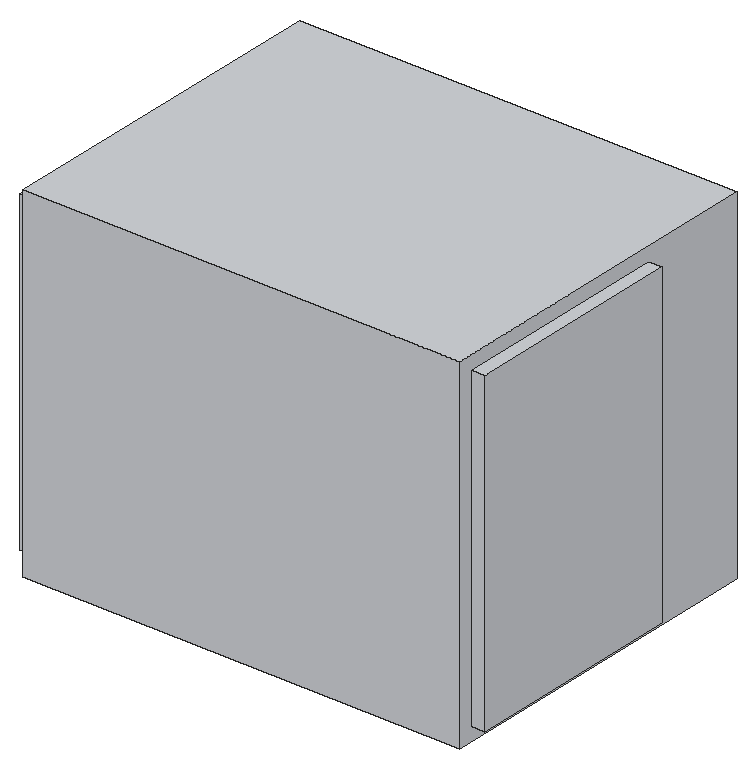
Revit family "M_Filtro - Painel - Ângulo", category Acessórios de duto, Revit 2019
Family settings
  Cota do conector redondo = Utilizar diâmetro
  Tipo de parte = Quebra em
  Número OmniClass = 23.75.50.17.11
  Título OmniClass = Air Filters
  ID de item do Seek = Filter - Panel - Angle-0000-CAN-ENU
  Com base no plano de trabalho = Não
  Sempre na vertical = Sim
  Corte com vazios quando carregada = Não
  Compartilhado = Não
Parameters (values of type "Para serpentina tamanho 3")
  Queda de pressão = 35.0 Pa
  Largura do filtro = 635 mm
  Comprimento do filtro = 800 mm
  Altura do filtro = 635 mm
  Largura do duto = Comprimento do filtro  # 800 mm
  Altura do duto = Altura do filtro  # 635 mm
  Material do filtro de ângulo = none
Types (17, lengths in mm): name | Queda de pressão | Largura do filtro | Comprimento do filtro | Altura do filtro | Largura do duto | Altura do duto
  (no name) | 35.0 Pa | 635 | 800 | 635 | 800 | 635
  Para serpentina tamanho 3 | 35.0 Pa | 635 | 800 | 635 | 800 | 635
  Para serpentina tamanho 6 | 35.0 Pa | 711 | 1110 | 700 | 1110 | 700
  Para serpentina tamanho 8 | 60.0 Pa | 813 | 1200 | 800 | 1200 | 800
  Para serpentina tamanho 10 | 47.0 Pa | 864 | 1500 | 850 | 1500 | 850
  Para serpentina tamanho 12 | 37.0 Pa | 864 | 1600 | 950 | 1600 | 950
  Para serpentina tamanho 14 | 37.0 Pa | 864 | 1700 | 1000 | 1700 | 1000
  Para serpentina tamanho 17 | 40.0 Pa | 864 | 1850 | 1110 | 1850 | 1110
  Para serpentina tamanho 21 | 37.0 Pa | 864 | 1900 | 1250 | 1900 | 1250
  Para serpentina tamanho 25 | 40.0 Pa | 1016 | 1950 | 1400 | 1950 | 1400
  Para serpentina tamanho 30 | 42.0 Pa | 1016 | 2300 | 1400 | 2300 | 1400
  Para serpentina tamanho 35 | 40.0 Pa | 1219 | 2400 | 1550 | 2400 | 1550
  Para serpentina tamanho 40 | 40.0 Pa | 1219 | 2750 | 1550 | 2750 | 1550
  Para serpentina tamanho 50 | 40.0 Pa | 1219 | 3000 | 1850 | 3000 | 1850
  Para serpentina tamanho 66 | 40.0 Pa | 762 | 3450 | 2300 | 3450 | 2300
  Para serpentina tamanho 80 | 40.0 Pa | 762 | 3450 | 2750 | 3450 | 2750
  Para serpentina tamanho 100 | 40.0 Pa | 762 | 3750 | 3000 | 3750 | 3000
Reference planes
  plane 1 "Centro (Frente/Trás)": y = 0
  plane 2: z = 0
  plane 3 "Centro (Esquerda/Direita)": x = 0
  plane 4: x = -400
  plane 5: x = 400
  plane 6: y = 317.5
  plane 7: y = -317.5
  plane 8: z = 317.5
  plane 9: z = -317.5
  plane 10: z = 292.1
  plane 11: y = -292.1
  plane 12: z = -292.1
  plane 13: y = 114.3
  plane 14: x = -425.4
  plane 15: x = 425.4
Forms (mm)
  Extrusion 1, solid, material <- "Material do filtro de ângulo"
    sketch origin (0, 0, 0) x (1, 0, 0) y (0, 1, 0)
      loop
        line (-400, 317.5) -> (-400, -317.5) -> (400, -317.5) -> (400, 317.5) -> (-400, 317.5)
    from -317.5 to 317.5
  Extrusion 2, solid, material <- "Material do filtro de ângulo"
    sketch origin (0, 0, 0) x (0, 1, 0) y (0, 0, 1)
      loop
        line (114.3, 292.1) -> (-292.1, 292.1) -> (-292.1, -292.1) -> (114.3, -292.1) -> (114.3, 292.1)
    from -425.4 to -400
  Extrusion 3, solid, material <- "Material do filtro de ângulo"
    sketch origin (0, 0, 0) x (0, 1, 0) y (0, 0, 1)
      loop
        line (114.3, 292.1) -> (-292.1, 292.1) -> (-292.1, -292.1) -> (114.3, -292.1) -> (114.3, 292.1)
    from 400 to 425.4
Dimensions and locks
  equal spacing: plane 4, plane 3 "Centro (Esquerda/Direita)", plane 5
  "Comprimento do filtro": plane 4 to plane 5
  equal spacing: plane 6, plane 1 "Centro (Frente/Trás)", plane 7
  "Largura do filtro": plane 6 to plane 7
  equal spacing: plane 8, plane 2, plane 9
  "Altura do filtro": plane 8 to plane 9
  locked: plane 6 to plane 13 at 203.2
  locked: plane 10 to plane 8 at 25.4
  locked: plane 12 to plane 9 at 25.4
  locked: plane 11 to plane 7 at 25.4
  locked: plane 14 to plane 4 at 25.4
  locked: plane 5 to plane 15 at 25.4
  aligned and locked: plane 4 to Extrusion 1 sketch curve
  aligned and locked: Extrusion 1 sketch curve to plane 6
  aligned and locked: plane 7 to Extrusion 1 sketch curve
  aligned and locked: Extrusion 1 sketch curve to plane 5
  aligned and locked: Extrusion 1 to plane 9
  aligned and locked: plane 8 to Extrusion 1
  aligned and locked: plane 13 to Extrusion 2 sketch curve
  aligned and locked: Extrusion 2 sketch curve to plane 10
  aligned and locked: plane 12 to Extrusion 2 sketch curve
  aligned and locked: Extrusion 2 sketch curve to plane 11
  aligned and locked: Extrusion 2 to plane 14
  aligned and locked: plane 4 to Extrusion 2
  aligned and locked: Extrusion 3 sketch curve to Extrusion 2  (x3)
  aligned and locked: Extrusion 2 to Extrusion 3 sketch curve
  aligned and locked: plane 15 to Extrusion 3
  aligned and locked: Extrusion 3 to plane 5
Connectors
  hvac at (0, -317.5, 0), driven by "Altura do filtro", driven by "Largura do duto"
    settings: on Extrusion 1, index 1, duct flow 0.0 L/s, flow factor 0, pres drop 0.0 Pa, loss coef 0, conn angle 0.00°, conn width 800 mm, conn height 635 mm, conn diameter 609.6 mm, duct sys type 29, conn prof type 1, flow config 0, flow direction 0, loss method 4, conn ref index 2, conn util no, is conn primary yes, conn desc ""
  hvac at (0, 317.5, 0), driven by "Altura do duto", driven by "Largura do duto", driven by "Queda de pressão"
    settings: on Extrusion 1, index 2, duct flow 0.0 L/s, flow factor 0, pres drop 35.0 Pa, loss coef 0, conn angle 0.00°, conn width 800 mm, conn height 635 mm, conn diameter 609.6 mm, duct sys type 29, conn prof type 1, flow config 0, flow direction 0, loss method 4, conn ref index 1, conn util no, is conn primary no, conn desc ""
